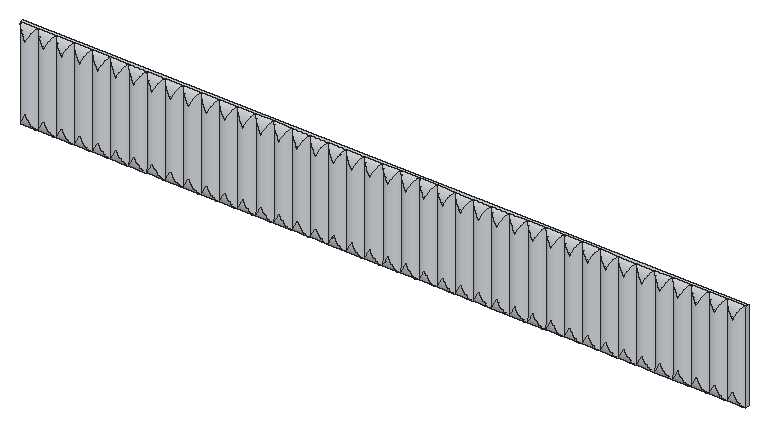
Revit family "OracDecor_W217", category Обобщенные модели, Revit 2019
Family settings
  Может служить основой для арматурных стержней = Нет
  Размер круглого соединителя = Использовать диаметр
  Тип детали = Нормальный
  На основе рабочей плоскости = Нет
  Всегда вертикально = Да
  При загрузке вырезать с полостями = Нет
  Общий = Нет
  Точка расчета площади = Нет
Parameters
  Изготовитель = "Family from POCHERTEAM"  # constant formula
  URL = "t.me/pocherteam"
Reference planes
  plane 1 "По центру (Вперед/Назад)": y = 0
  plane 2: z = 0
  plane 3 "По центру (Влево/Вправо)": x = 0
Forms (mm)
  Extrusion 1, void
    sketch origin (0, 0, 0) x (0, 1, 0) y (0, 0, 1)
      loop
        spline (-8, 0) -> (-9.958, 0.299) -> (-11.883, 1.193) -> (-13.741, 2.664) -> (-15.5, 4.689) -> (-17.132, 7.233) -> (-18.607, 10.251) -> (-19.901, 13.693) -> (-20.991, 17.5) -> (-21.858, 21.606) -> (-22.489, 25.941) -> (-22.872, 30.432) -> (-23, 35)
        line (-23, 35) -> (-23, 0) -> (-8, 0)
      loop
        line (-8, 250) -> (-23, 250) -> (-23, 215)
        spline (-23, 215) -> (-22.872, 219.568) -> (-22.489, 224.059) -> (-21.858, 228.394) -> (-20.991, 232.5) -> (-19.901, 236.307) -> (-18.607, 239.749) -> (-17.132, 242.767) -> (-15.5, 245.311) -> (-13.741, 247.336) -> (-11.883, 248.807) -> (-9.958, 249.701) -> (-8, 250)
    from 0 to 2000
  Extrusion 2, solid
    sketch origin (0, 0, 0) x (1, 0, 0) y (0, 1, 0)
      loop
        line (0, 0) -> (0, -8)
        arc (0, -8) -> (25, -23) -> (50, -8) r 28.334
        arc (50, -8) -> (75, -23) -> (100, -8) r 28.334
        arc (100, -8) -> (125, -23) -> (150, -8) r 28.334
        arc (150, -8) -> (175, -23) -> (200, -8) r 28.334
        arc (200, -8) -> (225, -23) -> (250, -8) r 28.334
        arc (250, -8) -> (275, -23) -> (300, -8) r 28.334
        arc (300, -8) -> (325, -23) -> (350, -8) r 28.334
        arc (350, -8) -> (375, -23) -> (400, -8) r 28.334
        arc (400, -8) -> (425, -23) -> (450, -8) r 28.334
        arc (450, -8) -> (475, -23) -> (500, -8) r 28.334
        arc (500, -8) -> (525, -23) -> (550, -8) r 28.334
        arc (550, -8) -> (575, -23) -> (600, -8) r 28.334
        arc (600, -8) -> (625, -23) -> (650, -8) r 28.334
        arc (650, -8) -> (675, -23) -> (700, -8) r 28.334
        arc (700, -8) -> (725, -23) -> (750, -8) r 28.334
        arc (750, -8) -> (775, -23) -> (800, -8) r 28.334
        arc (800, -8) -> (825, -23) -> (850, -8) r 28.334
        arc (850, -8) -> (875, -23) -> (900, -8) r 28.334
        arc (900, -8) -> (925, -23) -> (950, -8) r 28.334
        arc (950, -8) -> (975, -23) -> (1000, -8) r 28.334
        arc (1000, -8) -> (1025, -23) -> (1050, -8) r 28.334
        arc (1050, -8) -> (1075, -23) -> (1100, -8) r 28.334
        arc (1100, -8) -> (1125, -23) -> (1150, -8) r 28.334
        arc (1150, -8) -> (1175, -23) -> (1200, -8) r 28.334
        arc (1200, -8) -> (1225, -23) -> (1250, -8) r 28.334
        arc (1250, -8) -> (1275, -23) -> (1300, -8) r 28.334
        arc (1300, -8) -> (1325, -23) -> (1350, -8) r 28.334
        arc (1350, -8) -> (1375, -23) -> (1400, -8) r 28.334
        arc (1400, -8) -> (1425, -23) -> (1450, -8) r 28.334
        arc (1450, -8) -> (1475, -23) -> (1500, -8) r 28.334
        arc (1500, -8) -> (1525, -23) -> (1550, -8) r 28.334
        arc (1550, -8) -> (1575, -23) -> (1600, -8) r 28.334
        arc (1600, -8) -> (1625, -23) -> (1650, -8) r 28.334
        arc (1650, -8) -> (1675, -23) -> (1700, -8) r 28.334
        arc (1700, -8) -> (1725, -23) -> (1750, -8) r 28.334
        arc (1750, -8) -> (1775, -23) -> (1800, -8) r 28.334
        arc (1800, -8) -> (1825, -23) -> (1850, -8) r 28.334
        arc (1850, -8) -> (1875, -23) -> (1900, -8) r 28.334
        arc (1900, -8) -> (1925, -23) -> (1950, -8) r 28.334
        arc (1950, -8) -> (1975, -23) -> (2000, -8) r 28.334
        line (2000, -8) -> (2000, 0) -> (0, 0)
    from 0 to 250
Cuts and joins
  Extrusion 1 cuts Extrusion 2
Dimensions and locks
  cut or joined group of Extrusion 1, Extrusion 2 to level = 250 mm
  cut or joined group of Extrusion 1, Extrusion 2 to plane 3 "По центру (Влево/Вправо)" = 2000 mm
  cut or joined group of Extrusion 1, Extrusion 2 to plane 1 "По центру (Вперед/Назад)" = 23 mm
  aligned and locked: level to plane 2
